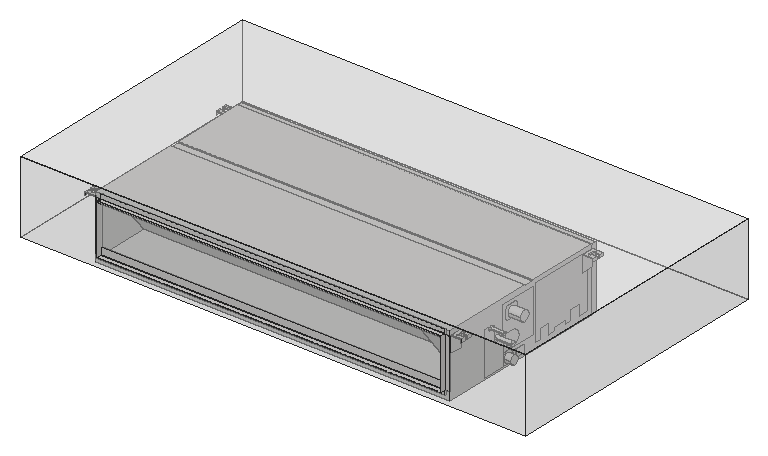
Revit family "outputfile", category 機械設備, Revit 2024
Family settings
  丸型コネクタ寸法 = 半径を使用
  パーツ タイプ = 標準
  OmniClass 番号 = 23.75.10.24.21.27.27
  OmniClass タイトル = Split System Air Conditioning Units
  作業面ベース = いいえ
  常に垂直 = はい
  ロード時にボイドで切り取り = いいえ
  注釈の向きを維持 = いいえ
  共有 = いいえ
  部屋計算ポイント = はい
Parameters (values of type "FDMFC140AV1M")
  Description = ""
  書き出し IFC クラス(タイプ) = "IfcUnitaryEquipmentType"
  定義済み IFC タイプ(タイプ) = "AIRCONDITIONINGUNIT"
  Cost = 0
  Type Comments = ""
  Keynote = ""
  Type Image = (empty or 0)
  Assembly Code = ""
  switch_frequency = yes
  connector_voltage = Voltage_50Hz  # 230 V
  connector_powerinput = [Power Input (Cooling)]  # 0.000 kW
  connector_phase = Phase_50Hz  # 1
  URL = ""
  Supply Air Direction [instance] = yes
  製造元 = "Daikin"
  モデル = "FDMFC140AV1M"
  w_pipe = 33 mm
  r_Liquid Pipe Size = Liquid Pipe Size / 2  # 4.75 mm
  r_Gas Pipe Size = Gas Pipe Size / 2  # 7.95 mm
  r_Drain Pipe Size = Drain Pipe Size / 2  # 16.0 mm
  lw_powersupply = Width / 2  # 700 mm
  lw_ductflange2 = 1362 mm
  lw_Width = 1362 mm
  lh_suctionflange [instance] = 100 mm
  ld_suctionflange [instance] = 190 mm
  ld_powersupply = 263 mm
  angle_vertical_RA [instance] = 90.00°
  angle horizontal_RA [instance] = 180.00°
  Voltage_comment_50Hz = "220 - 240"
  Voltage_50Hz = 230 V
  Sound Power Level_H speed (dB) = 0
  RA_length = 190 mm  # constant formula
  Phase_50Hz = 1
  Minimum External Static Pressure = 27.00 Pa
  Minimum Circuit Amps_50Hz = 0.0 A
  Maximum Fuse Amps_50Hz = 0.0 A
  Maximum External Static Pressure = 80.00 Pa
  Material_Casing = DAIKIN_GalvanizedSteel_Casing_indoorunit
  lw_liquidpipe = 757.9 mm
  lw_gaspipe = 767.5 mm
  lw_mountinghole_pitch = 1446 mm
  lw_mountinghole = 20 mm
  lw_drainpipe = 726 mm
  lh_powersupply = 43.2 mm
  lh_liquidpipe = 175 mm
  lh_gaspipe = 128 mm
  lh_mountinghole = Height + [h***] - 15 mm  # 235 mm
  lh_drainpipe = 29 mm
  lh_antena = (Height - lh_mountinghole) + 1 mm  # 16 mm
  ld_liquidpipe = 153 mm
  ld_gaspipe = 123 mm
  ld_mountinghole_pitch = 651 mm
  ld_drainpipe = 64 mm
  ld_controlbox = 626 mm
  h*** = 0 mm  # constant formula
  d_dischargeflange = 20 mm  # constant formula
  Width = 1400 mm
  Version = "ver.1.0"
  Unit Type = "Duct (M.S.P)"
  Unit Mass Weight = 42.00 kg
  Unit Designation [instance] = ""
  Uniclass2015Version = "Products v1.30"
  Uniclass2015Title = "Split coil room air conditioning units"
  Uniclass2015Code = "Pr_70_65_03_86"
  Total Cooling Capacity [instance] = 0.000 kW
  Sound Pressure Level_M speed (dBA) = 40
  Sound Pressure Level_L speed (dBA) = 36
  Sound Pressure Level_H speed (dBA) = 42
  Series = "SkyAir_Fan Coil Unit"
  Sensible Cooling Capacity [instance] = 0.000 kW
  SA Duct Size Width = 1362 mm
  SA Duct Size Height = 200 mm
  Refrigerant Type = "R32"
  RA Duct Size Width = 1362 mm
  RA Duct Size Height = 214 mm
  Power Input (Cooling) = 0.000 kW
  Option Accessory 3 [instance] = ""
  Option Accessory 2 [instance] = ""
  Option Accessory 1 [instance] = ""
  Nominal Cooling Capacity = 14.070 kW
  Minimum Airflow = 1560.00 m³/h
  Median Airflow = 1860.00 m³/h
  Maximum Airflow = 2140.00 m³/h
  Load Classification = HVAC
  Liquid Pipe Size = 9.5 mm
  Link_Nested Family [instance] = ""
  IfcVersion = ""
  IfcExportType = "AIRCONDITIONINGUNIT"
  IfcExportAs = "IfcUnitaryEquipmentType"
  Height = 250 mm
  Heat Exchanger Type = "Cross Fin Coil"
  Gas Pipe Size = 15.9 mm
  Frequency_50Hz = 50 Hz
  Fan Type = "Sirocco Fan"
  Fan Drive = "Direct Drive"
  FCU Tag No. [instance] = ""
  Drain Pipe Size = 32.0 mm
  Design Supply Airflow [instance] = 0.00 m³/h
  Design Return Airflow [instance] = 0.00 m³/h
  Design External Static Pressure [instance] = 0.00 Pa
  Depth = 700 mm
  既定の高さ = 0 mm
  Cooling Entering Wet Bulb Temperature [instance] = 0.00 °C
  Cooling Entering Dry Bulb Temperature [instance] = 0.00 °C
  Cooling Ambient Wet Bulb Temperature [instance] = 0.00 °C
  Cooling Ambient Dry Bulb Temperature [instance] = 0.00 °C
  Clearance visibility [instance] = yes
  Clearance Top = 20 mm
  Clearance Right = 300 mm
  Clearance Rear = 400 mm
  Clearance Left = 300 mm
  Clearance Front = 0 mm
  Clearance Bottom = 20 mm
Reference planes
  plane 1 "Center (Front/Back)": y = 0
  plane 2: z = 0
  plane 3 "Center (Left/Right)": x = 0
  plane 4 "Back": y = 350
  plane 5 "Front": y = -350
  plane 6 "Left": x = -700
  plane 7 "Right": x = 700
  plane 8 "Top": z = 0
  plane 9 "Bottom": z = -250
  plane 10: x = 681
  plane 11: x = -680.2
  plane 12: z = -72
  plane 13: z = -75
  plane 14: z = -122
  plane 15: x = -304
  plane 16: x = 304
  plane 17: x = -723
  plane 18: x = 723
  plane 19: x = 757.9
  plane 20: x = 767.5
  plane 21: z = -15
  plane 22 "Clearance Left": x = -1000
  plane 23 "Clearance Right": x = 1000
  plane 24 "Clearance Rear": y = 750
  plane 25 "Clearance Front": y = -350
  plane 26 "Clearance Bottom": z = -270
  plane 27: z = -21
  plane 28: z = -221
  plane 29: y = -123
  plane 30: y = -153
  plane 31: y = -30
  plane 32: y = -64
  plane 33: z = -118
  plane 34: y = -349.2
  plane 35: z = -150
  plane 36: y = 160
  plane 37: z = -151
  plane 38: x = 726
  plane 39: x = 695
  plane 40: x = 565.5
  plane 41: z = 102.5
  plane 42: y = 325.5
  plane 43: y = -325.5
  plane 44: y = 17.5
  plane 45: y = 57
  plane 46: x = 703.2
  plane 47: x = 705.2
  plane 48: y = -370
  plane 49: y = 390
  plane 50: z = -125
  plane 51: z = -70.5
  plane 52: z = -75.133
  plane 53: z = -75.5
  plane 54: z = -126.5
  plane 55: z = -239.8
  plane 56: z = -22.5
  plane 57: z = -192.5
  plane 58: z = -16
  plane 59 "Clearance Top": z = 20
  plane 60: z = -206.8
  plane 61: y = 263
  plane 62: y = -200
  plane 63: y = -300
  plane 64: y = -140
Forms (mm)
  Extrusion 1, solid, material "DAIKIN_GalvanizedSteel_Casing_indoorunit" <- "Material_Casing"
    sketch origin (0, 0, 0) x (1, 0, 0) y (0, 1, 0)
      loop
        line (-700, -349.2) -> (700, -349.2) -> (700, 350) -> (-700, 350) -> (-700, -349.2)
    from -250 to 0
  Extrusion 2, void
    sketch origin (0, 0, 1) x (1, 0, 0) y (0, 1, 0)
      loop
        line (-700, 57) -> (-700, 17.5) -> (700, 17.5) -> (700, 57) -> (-700, 57)
    from -1 to -5
  Extrusion 3, void
    sketch origin (0, 0, 0) x (0, 1, 0) y (0, 0, 1)
      loop
        line (-91.914, -222) -> (-91.914, -246.5) -> (-36.314, -246.5) -> (-36.314, -219.481)
        arc (-36.314, -219.481) -> (-65.261, -194.229) -> (-91.8, -222) r 27.8
    from 700 to 695
  Revolve 4, solid, material "DAIKIN_GalvanizedSteel_Casing_indoorunit" <- "Material_Casing"
    sketch origin (0, 0, -122) x (0, -1, 0) y (1, 0, 0)
      loop
        line (115.05, 700) -> (123, 700) -> (123, 767.5) -> (115.05, 767.5) -> (115.05, 700)
      axis (123, 700) -> (123, 767.5)
    angle from 0 to 360
  Revolve 5, solid, material "DAIKIN_GalvanizedSteel_Casing_indoorunit" <- "Material_Casing"
    sketch origin (0, 0, -75) x (0, -1, 0) y (1, 0, 0)
      loop
        line (153, 700) -> (153, 757.9) -> (148.25, 757.9) -> (148.25, 700) -> (153, 700)
      axis (153, 757.9) -> (153, 700)
    angle from 0 to 360
  Extrusion 6, solid, material "DAIKIN_GalvanizedSteel_Casing_indoorunit" <- "Material_Casing"
    sketch origin (0, 0, 0) x (0, 1, 0) y (0, 0, 1)
      loop
        circle (-64, -221) r 16
    from 726 to 700
  Extrusion 7, solid, material "DAIKIN_GalvanizedSteel_Casing_indoorunit" <- "Material_Casing"
    sketch origin (0, 0, 0) x (0, 1, 0) y (0, 0, 1)
      loop
        line (-180, -70.5) -> (-180, -239.8) -> (-95, -239.8) -> (-95, -126.5) -> (-107, -126.5)
        arc (-107, -126.5) -> (-121.5, -141) -> (-136, -126.5) r 14.5
        line (-136, -126.5) -> (-136, -75.5) -> (-141.006, -75.5)
        arc (-141.006, -75.5) -> (-153.184, -87.131) -> (-165, -75.133) r 12
        line (-165, -75.133) -> (-165, -70.5) -> (-180, -70.5)
      loop
        line (-92, -22.5) -> (-92, -192.5) -> (54, -192.5) -> (54, -22.5) -> (-92, -22.5)
      loop
        line (71, -16) -> (71, -224.802) -> (87.805, -224.802) -> (87.805, -184.607) -> (134.195, -184.606) -> (134.195, -224.802) -> (161, -224.802) -> (161, -212.302) -> (221, -212.303) -> (221, -224.802) -> (239.805, -224.802) -> (239.805, -184.606) -> (286.195, -184.606) -> (286.195, -224.802) -> (321.994, -224.802) -> (321.994, -82) -> (298.5, -82) -> (298.5, -16) -> (71, -16)
    from 700 to 703.2
  Extrusion 8, solid, material "DAIKIN_GalvanizedSteel_Casing_indoorunit" <- "Material_Casing"
    sketch origin (0, 0, 0) x (0, 1, 0) y (0, 0, 1)
      loop
        line (-27.5, -74.5) -> (-27.5, -41.5)
        arc (-27.5, -41.5) -> (-30.136, -35.136) -> (-36.5, -32.5) r 9
        line (-36.5, -32.5) -> (-69.5, -32.5)
        arc (-69.5, -32.5) -> (-75.864, -35.136) -> (-78.5, -41.5) r 9
        line (-78.5, -41.5) -> (-78.5, -74.5)
        arc (-78.5, -74.5) -> (-75.864, -80.864) -> (-69.5, -83.5) r 9
        line (-69.5, -83.5) -> (-36.5, -83.5)
        arc (-36.5, -83.5) -> (-30.136, -80.864) -> (-27.5, -74.5) r 9
      loop
        arc (8, -234.5) -> (9.415, -233.914) -> (10.001, -232.499) r 2.001
        line (10.001, -232.499) -> (9.997, -206.503)
        arc (9.997, -206.503) -> (9.412, -205.091) -> (8, -204.506) r 1.997
        line (8, -204.506) -> (-25.997, -204.506)
        arc (-25.997, -204.506) -> (-27.415, -205.094) -> (-28.002, -206.511) r 2.005
        line (-28.002, -206.511) -> (-28.002, -232.499)
        arc (-28.002, -232.499) -> (-27.416, -233.914) -> (-26.001, -234.5) r 2.001
        line (-26.001, -234.5) -> (8, -234.5)
      loop
        arc (-77.358, -152.358) -> (-25.548, -177.591) -> (-59.394, -130.95) r 29.7
        arc (-59.394, -130.95) -> (-62.843, -131.688) -> (-66.339, -131.219) r 10.3
        line (-66.339, -131.219) -> (-72.946, -129.136)
        arc (-72.946, -129.136) -> (-80.627, -131.374) -> (-81.498, -139.327) r 7.2
        line (-81.498, -139.327) -> (-78.299, -145.472)
        arc (-78.299, -145.472) -> (-77.23, -148.833) -> (-77.358, -152.358) r 10.3
    from 700 to 705.2
  Extrusion 9, solid, material "DAIKIN_GalvanizedSteel_Casing_indoorunit" <- "Material_Casing"
    sketch origin (0, 0, 0) x (0, 1, 0) y (0, 0, 1)
      loop
        circle (-53, -58) r 18.9
    from 700 to 757.9
  Extrusion 10, void
    sketch origin (0, 0, 0) x (0, 1, 0) y (0, 0, 1)
      loop
        line (-350, -18.8) -> (-350, -217.2) -> (-200, -217.2) -> (-349.2, -18.8) -> (-350, -18.8)
    from -680.2 to 681
  Extrusion 11, void
    sketch origin (0, 0, 0) x (0, 1, 0) y (0, 0, 1)
      loop
        line (-350, -18.8) -> (-350, -217.2) -> (-140, -217.2) -> (-300, -18.8) -> (-350, -18.8)
    from -680.2 to 565.5
Cuts and joins
  Extrusion 2, Extrusion 3, Extrusion 10, Extrusion 11 cuts Extrusion 1
  joined: Extrusion 7, Extrusion 8, Extrusion 9
Dimensions and locks
  "Height": plane 8 "Top" to plane 9 "Bottom"
  equal spacing: plane 15, plane 3 "Center (Left/Right)", plane 16, locked at 304 each
  locked: plane 15 to plane 16 at 608
  equal spacing: plane 17, plane 3 "Center (Left/Right)", plane 18
  "lw_mountinghole_pitch": plane 17 to plane 18
  locked: plane 12 to plane 9 "Bottom" at 178
  "lh_liquidpipe": plane 13 to plane 9 "Bottom"
  "lh_gaspipe": plane 14 to plane 9 "Bottom"
  "lh_mountinghole": plane 21 to plane 9 "Bottom"
  equal spacing: plane 6 "Left", plane 3 "Center (Left/Right)", plane 7 "Right"
  "Width": plane 6 "Left" to plane 7 "Right"
  "Clearance Right": plane 7 "Right" to plane 23 "Clearance Right"
  "Clearance Left": plane 22 "Clearance Left" to plane 6 "Left"
  "Clearance Rear": plane 24 "Clearance Rear" to plane 4 "Back"
  "Clearance Front": plane 5 "Front" to plane 25 "Clearance Front"
  locked: plane 8 "Top" to plane 27 at 21
  "Depth": plane 4 "Back" to plane 5 "Front"
  equal spacing: plane 4 "Back", plane 1 "Center (Front/Back)", plane 5 "Front"
  "ld_suctionflange": plane 4 "Back" to plane 36
  locked: plane 37 to plane 9 "Bottom" at 99
  plane 7 "Right" to plane 40 = 134.5 mm
  "r_Gas Pipe Size": nested 6 to Revolve 4 sketch curve
  "r_Liquid Pipe Size": nested 5 to Revolve 5 sketch curve
  equal spacing: plane 42, plane 1 "Center (Front/Back)", plane 43
  "ld_mountinghole_pitch": plane 42 to plane 43
  locked: plane 33 to plane 9 "Bottom" at 132
  "lw_liquidpipe": plane 3 "Center (Left/Right)" to plane 19
  "lw_gaspipe": plane 3 "Center (Left/Right)" to plane 20
  "lw_drainpipe": plane 3 "Center (Left/Right)" to plane 38
  "ld_drainpipe": plane 32 to plane 1 "Center (Front/Back)"
  "ld_gaspipe": plane 29 to plane 1 "Center (Front/Back)"
  "ld_liquidpipe": plane 30 to plane 1 "Center (Front/Back)"
  "lh_drainpipe": plane 28 to plane 9 "Bottom"
  locked: plane 7 "Right" to plane 46 at 3.2
  locked: plane 46 to plane 47 at 2
  equal spacing: plane 8 "Top", plane 50, plane 9 "Bottom"
  plane 51 to plane 52 to plane 53 to plane 54 to plane 55 = 4.633 mm locked, 0.367 mm locked, 51 mm locked, 113.3 mm locked
  plane 8 "Top" to plane 56 to plane 57 = 22.5 mm locked, 170 mm locked
  locked: plane 8 "Top" to plane 58 at 16
  locked: plane 40 to plane 10 at 115.5
  locked: plane 17 to plane 11 at 42.8
  locked: plane 39 to plane 7 "Right" at 5
  "Clearance Top": plane 59 "Clearance Top" to plane 8 "Top"
  "Clearance Bottom": plane 9 "Bottom" to plane 26 "Clearance Bottom"
  "lh_powersupply": plane 60 to plane 9 "Bottom"
  "ld_powersupply": plane 61 to plane 1 "Center (Front/Back)"
  locked: plane 34 to plane 5 "Front" at 0.8
  locked: plane 5 "Front" to plane 48 at 20
  locked: plane 5 "Front" to plane 62 at 150
  plane 5 "Front" to plane 63 to plane 64 = 50 mm locked, 160 mm locked
  "r_Drain Pipe Size": radius of Extrusion 6 sketch curve
  aligned and locked: level to plane 2
  aligned and locked: Extrusion 1 to plane 9 "Bottom"
  aligned and locked: plane 8 "Top" to Extrusion 1
  aligned and locked: Revolve 4 sketch curve to Revolve 4 sketch curve
  aligned and locked: plane 19 to nested 5
  aligned and locked: nested 5 to plane 13
  aligned and locked: plane 18 to nested 2
  aligned and locked: plane 17 to nested 3
  aligned and locked: plane 17 to nested 4
  aligned and locked: nested 6 to plane 14
  aligned and locked: plane 29 to nested 6
  aligned and locked: plane 30 to nested 5
  aligned and locked: Extrusion 6 sketch curve to plane 32
  aligned and locked: plane 8 "Top" to Extrusion 2
  aligned and locked: plane 24 "Clearance Rear" to nested 11
  aligned and locked: plane 23 "Clearance Right" to nested 11
  aligned and locked: plane 22 "Clearance Left" to nested 11
  aligned and locked: nested 11 to plane 25 "Clearance Front"
  aligned and locked: plane 7 "Right" to cut or joined group of Extrusion 1, Extrusion 2, Extrusion 3, Extrusion 10, Extrusion 11  (x3)
  aligned and locked: cut or joined group of Extrusion 1, Extrusion 2, Extrusion 3, Extrusion 10, Extrusion 11 to plane 39
  aligned and locked: plane 38 to Extrusion 6
  aligned and locked: plane 20 to nested 6
  aligned and locked: plane 3 "Center (Left/Right)" to nested 12
  aligned and locked: plane 18 to nested 1
  aligned and locked: plane 32 to nested 7
  aligned and locked: nested 7 to plane 28
  aligned and locked: plane 38 to nested 7
  aligned and locked: nested 9 to plane 1 "Center (Front/Back)"
  aligned and locked: plane 3 "Center (Left/Right)" to nested 9
  aligned and locked: plane 33 to nested 8
  aligned and locked: level to plane 8 "Top"
  aligned and locked: plane 42 to nested 1
  aligned and locked: plane 43 to nested 2
  aligned and locked: nested 4 to plane 42
  aligned and locked: nested 3 to plane 43
  aligned and locked: nested 12 to plane 21
  aligned and locked: cut or joined group of Extrusion 1, Extrusion 2, Extrusion 3, Extrusion 10, Extrusion 11 to plane 34
  aligned and locked: nested 13 to plane 33
  aligned and locked: Extrusion 2 sketch curve to plane 6 "Left"
  aligned and locked: plane 7 "Right" to Extrusion 2 sketch curve
  aligned and locked: plane 44 to Extrusion 2 sketch curve
  aligned and locked: plane 45 to Extrusion 2 sketch curve
  aligned and locked: plane 3 "Center (Left/Right)" to nested 10
  aligned and locked: nested 10 to plane 4 "Back"
  aligned and locked: plane 46 to Extrusion 7
  aligned and locked: Extrusion 7 to plane 7 "Right"
  aligned and locked: Extrusion 8 to plane 7 "Right"
  aligned and locked: plane 47 to Extrusion 8
  aligned and locked: plane 19 to Extrusion 9
  aligned and locked: Extrusion 9 to plane 7 "Right"
  aligned and locked: nested 8 to plane 48
  aligned and locked: plane 49 to nested 14
  aligned and locked: nested 14 to plane 3 "Center (Left/Right)"
  aligned and locked: nested 14 to plane 50
  aligned and locked: plane 54 to Extrusion 7 sketch curve  (x2)
  aligned and locked: plane 52 to Extrusion 7 sketch curve
  aligned and locked: plane 56 to Extrusion 7 sketch curve
  aligned and locked: plane 57 to Extrusion 7 sketch curve
  aligned and locked: plane 58 to Extrusion 7 sketch curve
  aligned and locked: plane 3 "Center (Left/Right)" to nested 13
  aligned and locked: plane 59 "Clearance Top" to nested 11
  aligned and locked: nested 11 to plane 26 "Clearance Bottom"
  aligned and locked: plane 7 "Right" to nested 15
  aligned and locked: nested 15 to plane 60
  aligned and locked: plane 34 to nested 13
  aligned and locked: plane 5 "Front" to Extrusion 10 sketch curve
  aligned and locked: cut or joined group of Extrusion 1, Extrusion 2, Extrusion 3, Extrusion 10, Extrusion 11 to plane 11  (x2)
  aligned and locked: plane 10 to cut or joined group of Extrusion 1, Extrusion 2, Extrusion 3, Extrusion 10, Extrusion 11
  aligned and locked: Extrusion 11 sketch curve to plane 5 "Front"
  aligned and locked: plane 63 to Extrusion 11 sketch curve
  aligned and locked: plane 64 to Extrusion 11 sketch curve
  aligned and locked: cut or joined group of Extrusion 1, Extrusion 2, Extrusion 3, Extrusion 10, Extrusion 11 to plane 40
  aligned and locked: Extrusion 6 to plane 7 "Right"
  aligned and locked: Revolve 4 to plane 7 "Right"
  aligned and locked: Revolve 5 to plane 7 "Right"
Automatic sketch dimensions
  Extrusion 1 sketch curve to plane 4 "Back" = 0 mm
  Extrusion 1 sketch curve to plane 6 "Left" = 0 mm
  Extrusion 1 sketch curve to plane 7 "Right" = 0 mm
  plane 34 to Extrusion 1 sketch curve = 0 mm
  Extrusion 6 sketch curve to plane 28 = 0 mm
  Revolve 4 sketch curve to plane 20 = 0 mm
  Revolve 4 sketch curve to plane 29 = 0 mm
  Revolve 4 sketch curve to Revolve 4 sketch curve = 2.003 mm
  plane 20 to Revolve 4 sketch curve = 1.003 mm
  Revolve 5 sketch curve to plane 30 = 0 mm  (x2)
  Revolve 5 sketch curve to plane 19 = 0 mm  (x2)
  Revolve 5 sketch curve to plane 7 "Right" = 0 mm
  Revolve 5 sketch curve to Revolve 5 sketch curve = 1 mm
  Revolve 4 sketch curve to plane 7 "Right" = 0 mm
  plane 9 "Bottom" to Extrusion 3 sketch curve = 3.5 mm
  Extrusion 3 sketch curve to plane 31 = 6.314 mm
  Extrusion 3 sketch curve to plane 28 = 1 mm  (x2)
  plane 32 to Extrusion 3 sketch curve = 0 mm
  Extrusion 3 sketch curve to Extrusion 3 sketch curve = 0.114 mm
  Extrusion 8 sketch curve to plane 32 = 14.5 mm
  plane 13 to Extrusion 8 sketch curve = 0.5 mm  (x2)
  Extrusion 8 sketch curve to plane 32 = 5.5 mm  (x2)
  Extrusion 8 sketch curve to plane 31 = 6.5 mm  (x2)
  Extrusion 8 sketch curve to plane 27 = 20.5 mm
  plane 31 to Extrusion 8 sketch curve = 1.998 mm
  Extrusion 8 sketch curve to Extrusion 8 sketch curve = 2.001 mm  (x2)
  Extrusion 8 sketch curve to Extrusion 8 sketch curve = 2.005 mm
  Extrusion 8 sketch curve to plane 1 "Center (Front/Back)" = 8 mm  (x2)
  plane 28 to Extrusion 8 sketch curve = 16.494 mm
  Extrusion 8 sketch curve to Extrusion 8 sketch curve = 1.994 mm
  Extrusion 8 sketch curve to Extrusion 8 sketch curve = 1.997 mm
  Extrusion 8 sketch curve to plane 32 = 17.498 mm
  Extrusion 8 sketch curve to plane 35 = 0.228 mm
  Extrusion 8 sketch curve to Extrusion 8 sketch curve = 5.937 mm
  plane 35 to Extrusion 8 sketch curve = 4.528 mm
  Extrusion 8 sketch curve to Extrusion 8 sketch curve = 3.199 mm
  Extrusion 8 sketch curve to Extrusion 8 sketch curve = 6.386 mm
  Extrusion 8 sketch curve to plane 14 = 7.136 mm
  Extrusion 8 sketch curve to Extrusion 8 sketch curve = 2.165 mm
  Extrusion 8 sketch curve to plane 32 = 2.339 mm
  plane 32 to Extrusion 8 sketch curve = 0.758 mm
  Extrusion 8 sketch curve to plane 37 = 7.5 mm
  plane 32 to Extrusion 8 sketch curve = 15.7 mm
  Extrusion 8 sketch curve to Extrusion 8 sketch curve = 6.145 mm
  Extrusion 8 sketch curve to Extrusion 8 sketch curve = 2.083 mm
  plane 14 to Extrusion 8 sketch curve = 0.604 mm
  Extrusion 8 sketch curve to Extrusion 8 sketch curve = 0 mm
  plane 32 to Extrusion 9 sketch curve = 11 mm
  plane 12 to Extrusion 9 sketch curve = 14 mm
  Extrusion 7 sketch curve to plane 30 = 0 mm
  Extrusion 7 sketch curve to plane 30 = 27 mm
  Extrusion 7 sketch curve to plane 13 = 0.5 mm
  Extrusion 7 sketch curve to Extrusion 7 sketch curve = 5.006 mm
  plane 12 to Extrusion 7 sketch curve = 1.5 mm
  Extrusion 7 sketch curve to Extrusion 7 sketch curve = 12 mm
  Extrusion 7 sketch curve to plane 30 = 12 mm
  plane 29 to Extrusion 7 sketch curve = 1.5 mm
  Extrusion 7 sketch curve to plane 32 = 28 mm
  Extrusion 7 sketch curve to Extrusion 7 sketch curve = 17 mm
  Extrusion 7 sketch curve to plane 28 = 3.802 mm  (x8)
  Extrusion 7 sketch curve to plane 42 = 27 mm
  Extrusion 7 sketch curve to plane 42 = 3.506 mm  (x2)
  Extrusion 7 sketch curve to plane 53 = 6.5 mm
  plane 57 to Extrusion 7 sketch curve = 7.893 mm
  Extrusion 7 sketch curve to Extrusion 7 sketch curve = 0 mm  (x2)
  plane 57 to Extrusion 7 sketch curve = 7.894 mm  (x2)
  plane 36 to Extrusion 7 sketch curve = 1 mm  (x2)
  plane 28 to Extrusion 7 sketch curve = 8.697 mm
  Extrusion 3 sketch curve to Extrusion 3 sketch curve = 27.914 mm
  Extrusion 7 sketch curve to plane 55 = 0 mm
  Extrusion 8 sketch curve to plane 28 = 11.499 mm
  Extrusion 7 sketch curve to Extrusion 7 sketch curve = 60 mm
  Extrusion 10 sketch curve to plane 34 = 0 mm
  plane 28 to Extrusion 10 sketch curve = 3.8 mm
  plane 27 to Extrusion 10 sketch curve = 2.2 mm
  Extrusion 10 sketch curve to plane 30 = 47 mm
  plane 28 to Extrusion 11 sketch curve = 3.8 mm
  plane 27 to Extrusion 11 sketch curve = 2.2 mm
  radius of Extrusion 9 sketch curve = 18.9 mm
Nested families
  nested 1: "daikin_mountinghole" at (723, 325.5, -250), l_antenna <- "lh_antena", Link_Nested Family <- "Link_Nested Family", h_mountinghole <- "lh_mountinghole", type "daikin_mountinghole"
    with show yes, l_antenna 16 mm, h_mountinghole 235 mm, Link_Nested Family ""
  nested 2: "daikin_mountinghole" at (723, -325.5, -250), Link_Nested Family <- "Link_Nested Family", l_antenna <- "lh_antena", h_mountinghole <- "lh_mountinghole", type "daikin_mountinghole"
    with show yes, l_antenna 16 mm, h_mountinghole 235 mm, Link_Nested Family ""
  nested 3: "daikin_mountinghole" at (-723, -325.5, -250), l_antenna <- "lh_antena", Link_Nested Family <- "Link_Nested Family", h_mountinghole <- "lh_mountinghole", type "daikin_mountinghole"
    with show yes, l_antenna 16 mm, h_mountinghole 235 mm, Link_Nested Family ""
  nested 4: "daikin_mountinghole" at (-723, 325.5, -250), l_antenna <- "lh_antena", Link_Nested Family <- "Link_Nested Family", h_mountinghole <- "lh_mountinghole", type "daikin_mountinghole"
    with show yes, l_antenna 16 mm, h_mountinghole 235 mm, Link_Nested Family ""
  nested 5: "daikin_connector_rotate2" at (0, -153, -75) x (0, 1, 0) z (0, 0, 1), length <- "lw_liquidpipe", built-in parameter 1001364 <- "lh_liquidpipe", radius <- "r_Liquid Pipe Size", type "daikin_connector_rotate2"
    with radius 4.75 mm, length 757.9 mm, angle_vertical 90.00°
  nested 6: "daikin_connector_rotate2" at (0, -123, -122) x (0, 1, 0) z (0, 0, 1), length <- "lw_gaspipe", built-in parameter 1001364 <- "lh_gaspipe", radius <- "r_Gas Pipe Size", type "daikin_connector_rotate2"
    with radius 7.95 mm, length 767.5 mm, angle_vertical 90.00°
  nested 7: "daikin_connector_rotate2" at (0, -64, -221) x (0, 1, 0) z (0, 0, 1), built-in parameter 1001364 <- "lh_drainpipe", length <- "lw_drainpipe", radius <- "r_Drain Pipe Size", type "daikin_connector_rotate2"
    with radius 16 mm, length 726 mm, angle_vertical 90.00°
  nested 8: "daikin_connector_rotate2" at (0, -350, -118), length <- "d_dischargeflange", type "daikin_connector_rotate2"
    with radius 10 mm, length 20 mm, angle_vertical 90.00°
  nested 9: "daikin_△_symbolicline" at (-75, -129.904, 250) x (-0.5, 0.866, 0) z (0, 0, 1), built-in parameter 1001364 <- "Height", visible <- "Supply Air Direction", type "daikin_△_symbolicline"
    with length 300 mm
  nested 10: "daikin_ductflange_FDMFC-AV1M_1" at (0, 350, -125), material <- "Material_Casing", width <- "lw_ductflange2", type "daikin_ductflange_FDMFC-AV1M_1"
    with width 1362 mm, material DAIKIN_GalvanizedSteel_Casing_indoorunit, height 214 mm, depth 40 mm
  nested 11: "daikin_clearancespace" at (0, 200, -124.881), visible <- "Clearance visibility", show <- "Clearance visibility", Link_Nested Family <- "Link_Nested Family", type "daikin_clearancespace"
    with width 2000 mm, show yes, height 290 mm, depth 1100 mm, Link_Nested Family ""
  nested 12: "daikin_hangerfixture_FDMFC-AV1M" at (0, 0, -15), type "daikin_hangerfixture_FDMFC-AV1M"
    with width 1400 mm
  nested 13: "daikin_ductflange_FDMFC-AV1M" at (0, -35.7, -407.401), width <- "lw_Width", material <- "Material_Casing", type "daikin_ductflange_FDMFC-AV1M"
    with width 1362 mm, material DAIKIN_GalvanizedSteel_Casing_indoorunit, height 200 mm, depth 20.8 mm
  nested 14: "daikin_connector_rotate2" at (0, 350, -125) x (-1, 0, 0) z (0, 0, 1), type "daikin_connector_rotate2"
    with radius 10 mm, length 40 mm, angle_vertical 90.00°
  nested 15: "daikin_connector_rotate2" at (0, 263, -206.8) x (0, 1, 0) z (0, 0, 1), length <- "lw_powersupply", built-in parameter 1001364 <- "lh_powersupply", type "daikin_connector_rotate2"
    with radius 10 mm, length 700 mm, angle_vertical 90.00°
Connectors
  piping at (767.5, -123, -122), diameter 15.9, driven by "r_Gas Pipe Size"
    settings: on nested 6, index 1, connector inside diameter 609.6 mm, connector length 0 mm, flow factor 0, pipe flow 0.00 m³/h, pressure drop 0.0 Pa, fitting loss kfactor 0, connector angle 0.00°, fixture units 0, engagement length 0 mm, angle of deflection 0.00°, flow configuration 1, flow direction 2, fitting loss method 0, system type 29, joint type 0, gender type 0, connector reference index -1, connector utility 0, adjustable connector no, is connector primary yes, connector description "Refrigerant Gas Piping"
  piping at (757.9, -153, -75), diameter 9.5, driven by "r_Liquid Pipe Size"
    settings: on nested 5, index 2, connector inside diameter 609.6 mm, connector length 0 mm, flow factor 0, pipe flow 0.00 m³/h, pressure drop 0.0 Pa, fitting loss kfactor 0, connector angle 0.00°, fixture units 0, engagement length 0 mm, angle of deflection 0.00°, flow configuration 1, flow direction 1, fitting loss method 0, system type 29, joint type 0, gender type 0, connector reference index -1, connector utility 0, adjustable connector no, is connector primary no, connector description "Refrigerant Liquid Piping"
  piping at (726, -64, -221), diameter 32, driven by "r_Drain Pipe Size"
    settings: on nested 7, index 3, connector inside diameter 609.6 mm, connector length 0 mm, flow factor 0, pipe flow 0.00 m³/h, pressure drop 0.0 Pa, fitting loss kfactor 0, connector angle 0.00°, fixture units 0, engagement length 0 mm, angle of deflection 0.00°, flow configuration 1, flow direction 2, fitting loss method 4, system type 16, joint type 0, gender type 0, connector reference index -1, connector utility 0, adjustable connector no, is connector primary no, connector description "Condensate Drain Piping"
  hvac at (0, -370, -118), driven by "SA Duct Size Height", driven by "SA Duct Size Width"
    settings: on nested 8, index 7, duct flow 0.00 m³/h, flow factor 0, pres drop 0.00 Pa, loss coef 0, conn angle 0.00°, conn width 1362.0 mm, conn height 200.0 mm, conn diameter 609.6 mm, duct sys type 1, conn prof type 1, flow config 0, flow direction 2, loss method 4, conn ref index -1, conn util no, is conn primary yes, conn desc "SA Duct"
  hvac at (0, 390, -125), driven by "RA Duct Size Width", driven by "RA Duct Size Height"
    settings: on nested 14, index 8, duct flow 0.00 m³/h, flow factor 0, pres drop 0.00 Pa, loss coef 0, conn angle 0.00°, conn width 1362.0 mm, conn height 214.0 mm, conn diameter 609.6 mm, duct sys type 2, conn prof type 1, flow config 0, flow direction 1, loss method 4, conn ref index -1, conn util no, is conn primary no, conn desc "RA Duct"
  electrical at (700, 263, -206.8), driven by "Load Classification", driven by "connector_powerinput", driven by "connector_voltage", driven by "connector_phase"
    settings: on nested 15, index 9, voltage 230 V, apparent load 0 VA, apparent load phase1 0 VA, apparent load phase2 0 VA, apparent load phase3 0 VA, power factor 1, load classification "HVAC", number of poles 1, system type 30, power factor state 1, is connector primary yes, connector utility no, sub classification motor no, connector description "Power Supply"
Definition of nested family "daikin_ductflange_FDMFC-AV1M_1"
  Parameters (values of type "daikin_ductflange_FXDQ-NDVET2")
    width [instance] = 662 mm
    material [instance] = none
    height [instance] = 214 mm
    depth [instance] = 40 mm
    Default Elevation = 0 mm
  Reference planes
    plane 1 "Center (Front/Back)": y = 0
    plane 2: z = 0
    plane 3 "Center (Left/Right)": x = 0
    plane 4: x = -331
    plane 5: x = 331
    plane 6: z = 107
    plane 7: z = -107
    plane 8: x = -350
    plane 9: x = 350
    plane 10: z = 124
    plane 11: z = -124
    plane 12: y = 20
    plane 13: x = -330.2
    plane 14: x = 330.2
    plane 15: z = 106.2
    plane 16: z = -106.2
    plane 17: y = 40
    plane 18: x = -330.2
    plane 19: z = 106.2
    plane 20: z = -106.2
    plane 21: x = 330.2
  Forms (mm)
    Extrusion 1, solid, material <- "material"
      sketch origin (0, 0, 0) x (1, 0, 0) y (0, 0, 1)
        loop
          line (-330.2, 106.2) -> (-330.2, -106.2) -> (330.2, -106.2) -> (330.2, 106.2) -> (-330.2, 106.2)
        loop
          line (-350, 124) -> (-350, -124) -> (350, -124) -> (350, 124) -> (-350, 124)
      from 0 to -20
    Extrusion 2, solid, material <- "material"
      sketch origin (0, 0, 0) x (1, 0, 0) y (0, 0, 1)
        loop
          line (-331, 107) -> (-331, -107) -> (331, -107) -> (331, 107) -> (-331, 107)
        loop
          line (-330.2, 106.2) -> (-330.2, -106.2) -> (330.2, -106.2) -> (330.2, 106.2) -> (-330.2, 106.2)
      from -40 to -20
  Cuts and joins
    joined: Extrusion 1, Extrusion 2
  Dimensions and locks
    equal spacing: plane 5, plane 3 "Center (Left/Right)", plane 4
    "width": plane 5 to plane 4
    equal spacing: plane 6, level, plane 7
    "height": plane 6 to plane 7
    locked: plane 4 to plane 8 at 19
    locked: plane 9 to plane 5 at 19
    locked: plane 10 to plane 6 at 17
    locked: plane 7 to plane 11 at 17
    locked: plane 1 "Center (Front/Back)" to plane 12 at 20
    locked: plane 13 to plane 4 at 0.8
    locked: plane 5 to plane 14 at 0.8
    locked: plane 6 to plane 15 at 0.8
    locked: plane 16 to plane 7 at 0.8
    locked: plane 12 to plane 17 at 20
    locked: plane 18 to plane 4 at 0.8
    locked: plane 5 to plane 21 at 0.8
    locked: plane 6 to plane 19 at 0.8
    locked: plane 20 to plane 7 at 0.8
    locked: plane 1 "Center (Front/Back)" to plane 17 at 40
    aligned and locked: level to plane 2
    aligned and locked: Extrusion 1 sketch curve to plane 10
    aligned and locked: plane 8 to Extrusion 1 sketch curve
    aligned and locked: Extrusion 1 sketch curve to plane 9
    aligned and locked: Extrusion 1 to plane 12
    aligned and locked: plane 1 "Center (Front/Back)" to Extrusion 1
    aligned and locked: Extrusion 1 sketch curve to plane 15
    aligned and locked: plane 13 to Extrusion 1 sketch curve
    aligned and locked: plane 16 to Extrusion 1 sketch curve
    aligned and locked: plane 11 to Extrusion 1 sketch curve
    aligned and locked: Extrusion 1 sketch curve to plane 14
    aligned and locked: Extrusion 2 sketch curve to plane 6
    aligned and locked: plane 4 to Extrusion 2 sketch curve
    aligned and locked: plane 7 to Extrusion 2 sketch curve
    aligned and locked: Extrusion 2 sketch curve to plane 5
    aligned and locked: Extrusion 2 sketch curve to Extrusion 1  (x4)
    aligned and locked: Extrusion 2 to plane 17
    aligned and locked: Extrusion 2 to Extrusion 1
  Automatic sketch dimensions
    Extrusion 1 sketch curve to plane 10 = 0 mm
Definition of nested family "daikin_clearancespace"
  Parameters (values of type "daikin_clearancespace")
    Description = "daikin_clearancespace"
    width [instance] = 1823.963 mm
    show [instance] = yes
    material = none
    height [instance] = 1359.762 mm
    depth [instance] = 880 mm
    Default Elevation = 0 mm
    Link_Nested Family [instance] = ""
  Reference planes
    plane 1 "Center (Front/Back)": y = 0
    plane 2 "Center (Elevation)": z = -0.119
    plane 3 "Center (Left/Right)": x = 0
    plane 4: y = 440
    plane 5: y = -440
    plane 6 "Right": x = 911.982
    plane 7 "Left": x = -911.982
    plane 8 "Top": z = 679.762
    plane 9 "Bottom": z = -680
  Forms (mm)
    Extrusion 1, solid, material <- "material", visible <- "show"
      sketch origin (0, 0, 0) x (1, 0, 0) y (0, 1, 0)
        loop
          line (-911.982, 440) -> (-911.982, -440) -> (911.982, -440) -> (911.982, 440) -> (-911.982, 440)
      from -680 to 679.762
  Lines and regions (mm)
    symbolic lines, visible <- "show"
      curve 1: line (911.982, 440, 0) -> (-911.982, 440, 0)
      curve 2: line (-911.982, 440, 0) -> (-911.982, -440, 0)
      curve 3: line (-911.982, -440, 0) -> (911.982, -440, 0)
      curve 4: line (911.982, -440, 0) -> (911.982, 440, 0)
      curve 5: line (911.982, 0, 679.762) -> (-911.982, 0, 679.762)
      curve 6: line (911.982, 0, -680) -> (911.982, 0, 679.762)
      curve 7: line (-911.982, 0, -680) -> (911.982, 0, -680)
      curve 8: line (-911.982, 0, 679.762) -> (-911.982, 0, -680)
      curve 9: line (0, 440, 679.762) -> (0, -440, 679.762)
      curve 10: line (0, -440, 679.762) -> (0, -440, -680)
      curve 11: line (0, 440, -680) -> (0, 440, 679.762)
      curve 12: line (0, -440, -680) -> (0, 440, -680)
  Dimensions and locks
    "width": plane 7 "Left" to plane 6 "Right"
    "depth": plane 4 to plane 5
    "height": plane 8 "Top" to plane 9 "Bottom"
    equal spacing: plane 7 "Left", plane 3 "Center (Left/Right)", plane 6 "Right"
    equal spacing: plane 4, plane 1 "Center (Front/Back)", plane 5
    equal spacing: plane 8 "Top", plane 2 "Center (Elevation)", plane 9 "Bottom"
    aligned and locked: level to plane 2 "Center (Elevation)"
    aligned and locked: Extrusion 1 sketch curve to plane 4
    aligned and locked: plane 7 "Left" to Extrusion 1 sketch curve
    aligned and locked: Extrusion 1 sketch curve to plane 5
    aligned and locked: Extrusion 1 sketch curve to plane 6 "Right"
    aligned and locked: plane 8 "Top" to Extrusion 1
    aligned and locked: curve 1 to Extrusion 1
    aligned and locked: curve 2 to Extrusion 1
    aligned and locked: curve 3 to Extrusion 1
    aligned and locked: curve 4 to Extrusion 1
    aligned and locked: curve 5 to Extrusion 1
    aligned and locked: curve 6 to Extrusion 1
    aligned and locked: curve 7 to Extrusion 1
    aligned and locked: curve 8 to Extrusion 1
    aligned and locked: curve 9 to Extrusion 1
    aligned and locked: curve 10 to Extrusion 1
    aligned and locked: curve 11 to Extrusion 1
    aligned and locked: curve 12 to Extrusion 1
    aligned and locked: Extrusion 1 to plane 9 "Bottom"
Definition of nested family "daikin_hangerfixture_FDMFC-AV1M"
  Parameters (values of type "daikin_hangerfixture_FDMFC-AV1M")
    width = 700 mm
    material = none
    height = 65 mm
    depth = 700 mm
    Default Elevation = 0 mm
  Reference planes
    plane 1 "Center (Front/Back)": y = 0
    plane 2: z = 0
    plane 3 "Center (Left/Right)": x = 0
    plane 4: x = 350
    plane 5: y = 350
    plane 6: y = -350
    plane 7: x = -350
    plane 8: z = -65
    plane 9: y = 325.5
    plane 10: y = -325.5
    plane 11: y = 302
    plane 12: y = -302
    plane 13: x = 373
    plane 14: x = -373
  Forms (mm)
    Extrusion 1, void
      sketch origin (0, 0, 0) x (-1, 0, 0) y (0, -1, 0)
        loop
          arc (366.995, -334.5) -> (373, -340.5) -> (378.995, -334.489) r 6
          line (378.995, -334.489) -> (378.995, -333)
          arc (378.995, -333) -> (379.288, -332.293) -> (379.995, -332) r 1
          line (379.995, -332) -> (394.995, -332) -> (394.995, -319) -> (379.995, -319)
          arc (379.995, -319) -> (379.288, -318.707) -> (378.995, -318) r 1
          line (378.995, -318) -> (378.995, -316.464)
          arc (378.995, -316.464) -> (372.977, -310.5) -> (366.995, -316.5) r 6
          line (366.995, -316.5) -> (366.995, -334.5)
        loop
          line (367.28, 334.5) -> (367.28, 316.5)
          arc (367.28, 316.5) -> (373, 310.507) -> (379.254, 315.94) r 6
          line (379.254, 315.94) -> (379.254, 318)
          arc (379.254, 318) -> (379.547, 318.707) -> (380.254, 319) r 1
          line (380.254, 319) -> (395.254, 319) -> (395.254, 332) -> (380.254, 332)
          arc (380.254, 332) -> (379.547, 332.293) -> (379.254, 333) r 1
          line (379.254, 333) -> (379.254, 334.5)
          arc (379.254, 334.5) -> (373.267, 340.487) -> (367.28, 334.5) r 5.987
      from -254.96 to 618
    Extrusion 2, solid, material <- "material"
      sketch origin (0, 0, 0) x (-1, 0, 0) y (0, 0, 1)
        loop
          line (350, 0) -> (350, -65) -> (352.3, -65) -> (352.3, -2.3) -> (392.7, -2.3) -> (392.7, -12) -> (395, -12) -> (395, 0) -> (350, 0)
      from -349.5 to -301.5
    Extrusion 3, solid, material <- "material"
      sketch origin (0, 0, 0) x (1, 0, 0) y (0, 0, 1)
        loop
          line (350, 0) -> (350, -65) -> (352.3, -65) -> (352.3, -2.3) -> (392.7, -2.3) -> (392.7, -12) -> (395, -12) -> (395, 0) -> (350, 0)
      from -349.5 to -301.5
    Extrusion 4, void
      sketch origin (0, 0, 0) x (1, 0, 0) y (0, 1, 0)
        loop
          line (366.995, 334.5) -> (366.995, 316.5)
          arc (366.995, 316.5) -> (372.977, 310.5) -> (378.995, 316.464) r 6
          line (378.995, 316.464) -> (378.995, 318)
          arc (378.995, 318) -> (379.288, 318.707) -> (379.995, 319) r 1
          line (379.995, 319) -> (394.995, 319) -> (394.995, 332) -> (379.995, 332)
          arc (379.995, 332) -> (379.288, 332.293) -> (378.995, 333) r 1
          line (378.995, 333) -> (378.995, 334.489)
          arc (378.995, 334.489) -> (373, 340.5) -> (366.995, 334.5) r 6
        loop
          arc (367.026, -334.5) -> (373.026, -340.5) -> (379.026, -334.5) r 6
          line (379.026, -334.5) -> (379.026, -333)
          arc (379.026, -333) -> (379.319, -332.293) -> (380.026, -332) r 1
          line (380.026, -332) -> (395.026, -332) -> (395.026, -319) -> (380.026, -319)
          arc (380.026, -319) -> (379.319, -318.707) -> (379.026, -318) r 1
          line (379.026, -318) -> (379.026, -316.448)
          arc (379.026, -316.448) -> (373, -310.5) -> (367.026, -316.5) r 6
          line (367.026, -316.5) -> (367.026, -334.5)
      from -254.96 to 618
    Extrusion 5, solid, material <- "material"
      sketch origin (0, 0, 0) x (1, 0, 0) y (0, 0, -1)
        loop
          line (350, 0) -> (395, 0) -> (395, 12) -> (392.7, 12) -> (392.7, 2.3) -> (352.3, 2.3) -> (352.3, 65) -> (350, 65) -> (350, 0)
      from -349.5 to -301.5
    Extrusion 6, solid, material <- "material"
      sketch origin (0, 0, 0) x (-1, 0, 0) y (0, 0, -1)
        loop
          line (350, 0) -> (395, 0) -> (395, 12) -> (392.7, 12) -> (392.7, 2.3) -> (352.3, 2.3) -> (352.3, 65) -> (350, 65) -> (350, 0)
      from -349.5 to -301.5
  Cuts and joins
    Extrusion 1 cuts Extrusion 2
    Extrusion 4 cuts Extrusion 3
    Extrusion 4 cuts Extrusion 5
    Extrusion 1 cuts Extrusion 6
  Dimensions and locks
    equal spacing: plane 5, plane 1 "Center (Front/Back)", plane 6
    "depth": plane 5 to plane 6
    plane 6 to plane 1 "Center (Front/Back)" to plane 5 = 350 mm, 350 mm
    equal spacing: plane 4, plane 3 "Center (Left/Right)", plane 7
    "width": plane 4 to plane 7
    "height": level to plane 8
    equal spacing: plane 10, plane 1 "Center (Front/Back)", plane 9
    plane 10 to plane 9 = 651 mm
    plane 5 to plane 11 = 48 mm
    plane 12 to plane 6 = 48 mm
    locked: plane 7 to plane 14 at 23
    locked: plane 13 to plane 4 at 23
    plane 14 to plane 13 = 746 mm
    aligned and locked: level to plane 2
  Automatic sketch dimensions
    Extrusion 1 sketch curve to plane 7 = 17.28 mm
    Extrusion 1 sketch curve to plane 7 = 16.995 mm
    Extrusion 1 sketch curve to Extrusion 1 sketch curve = 5.987 mm  (x2)
    Extrusion 1 sketch curve to Extrusion 1 sketch curve = 6 mm  (x5)
    Extrusion 1 sketch curve to Extrusion 1 sketch curve = 5.974 mm
    Extrusion 1 sketch curve to Extrusion 1 sketch curve = 1 mm  (x5)
    plane 9 to Extrusion 1 sketch curve = 6.5 mm
    Extrusion 1 sketch curve to Extrusion 1 sketch curve = 15 mm  (x2)
    plane 10 to Extrusion 1 sketch curve = 6.5 mm
    Extrusion 1 sketch curve to plane 9 = 6.5 mm
    Extrusion 1 sketch curve to Extrusion 1 sketch curve = 1.49 mm
    plane 9 to Extrusion 1 sketch curve = 9 mm
    Extrusion 1 sketch curve to plane 10 = 9.56 mm
    Extrusion 1 sketch curve to Extrusion 1 sketch curve = 2.06 mm
    Extrusion 1 sketch curve to plane 10 = 6.5 mm
    Extrusion 1 sketch curve to Extrusion 1 sketch curve = 1.5 mm
    Extrusion 1 sketch curve to Extrusion 1 sketch curve = 0 mm  (x4)
    Extrusion 2 sketch curve to plane 7 = 0 mm
    Extrusion 2 sketch curve to plane 8 = 0 mm
    Extrusion 2 sketch curve to level = 0 mm
    Extrusion 2 sketch curve to plane 7 = 2.3 mm
    Extrusion 2 sketch curve to level = 2.3 mm
    Extrusion 2 sketch curve to Extrusion 2 sketch curve = 40.4 mm
    Extrusion 2 sketch curve to Extrusion 2 sketch curve = 2.3 mm
    Extrusion 2 sketch curve to Extrusion 2 sketch curve = 9.7 mm
    Extrusion 3 sketch curve to plane 4 = 0 mm
    Extrusion 3 sketch curve to plane 8 = 0 mm
    Extrusion 3 sketch curve to level = 0 mm
    plane 4 to Extrusion 3 sketch curve = 2.3 mm
    Extrusion 3 sketch curve to level = 2.3 mm
    Extrusion 3 sketch curve to Extrusion 3 sketch curve = 40.4 mm
    Extrusion 3 sketch curve to Extrusion 3 sketch curve = 2.3 mm
    Extrusion 3 sketch curve to Extrusion 3 sketch curve = 9.7 mm
    plane 4 to Extrusion 4 sketch curve = 17.026 mm
    plane 4 to Extrusion 4 sketch curve = 16.995 mm
    Extrusion 4 sketch curve to Extrusion 4 sketch curve = 6 mm  (x8)
    Extrusion 4 sketch curve to Extrusion 4 sketch curve = 1 mm  (x6)
    plane 9 to Extrusion 4 sketch curve = 6.5 mm
    Extrusion 4 sketch curve to Extrusion 4 sketch curve = 15 mm  (x2)
    plane 10 to Extrusion 4 sketch curve = 6.5 mm
    Extrusion 4 sketch curve to Extrusion 4 sketch curve = 1.5 mm
    Extrusion 4 sketch curve to plane 10 = 6.5 mm
    Extrusion 4 sketch curve to plane 10 = 9 mm
    Extrusion 4 sketch curve to Extrusion 4 sketch curve = 2.536 mm
    Extrusion 4 sketch curve to plane 9 = 6.5 mm
    Extrusion 4 sketch curve to Extrusion 4 sketch curve = 1.49 mm
    Extrusion 4 sketch curve to Extrusion 4 sketch curve = 0 mm  (x4)
    Extrusion 5 sketch curve to plane 4 = 0 mm
    Extrusion 5 sketch curve to plane 8 = 0 mm
    Extrusion 5 sketch curve to level = 0 mm
    plane 4 to Extrusion 5 sketch curve = 2.3 mm
    Extrusion 5 sketch curve to level = 2.3 mm
    Extrusion 5 sketch curve to Extrusion 5 sketch curve = 40.4 mm
    Extrusion 5 sketch curve to Extrusion 5 sketch curve = 2.3 mm
    Extrusion 5 sketch curve to Extrusion 5 sketch curve = 9.7 mm
    Extrusion 6 sketch curve to plane 7 = 0 mm
    Extrusion 6 sketch curve to plane 8 = 0 mm
    Extrusion 6 sketch curve to level = 0 mm
    Extrusion 6 sketch curve to plane 7 = 2.3 mm
    Extrusion 6 sketch curve to level = 2.3 mm
    Extrusion 6 sketch curve to Extrusion 6 sketch curve = 40.4 mm
    Extrusion 6 sketch curve to Extrusion 6 sketch curve = 2.3 mm
    Extrusion 6 sketch curve to Extrusion 6 sketch curve = 9.7 mm
Definition of nested family "daikin_ductflange_FDMFC-AV1M"
  Parameters (values of type "daikin_ductflange_FXDQ-NDVET")
    width [instance] = 962 mm
    material [instance] = none
    height [instance] = 200 mm
    depth [instance] = 20.8 mm
    Default Elevation = 0 mm
  Reference planes
    plane 1 "Center (Front/Back)": y = 0
    plane 2: z = 189.401
    plane 3 "Center (Left/Right)": x = 0
    plane 4: y = -313.5
    plane 5: y = -334.3
    plane 6: z = 389.401
    plane 7: z = 289.401
    plane 8: z = 388.601
    plane 9: z = 190.201
    plane 10: x = -481
    plane 11: x = 481
    plane 12: y = -314.3
    plane 13: x = -480.2
    plane 14: x = 480.2
    plane 15: x = -500
    plane 16: x = 500
  Forms (mm)
    Extrusion 1, solid, material <- "material"
      sketch origin (0, 0, 189.401) x (1, 0, 0) y (0, 1, 0)
        loop
          line (480.2, -334.3) -> (481, -334.3) -> (481, -314.3) -> (500, -314.3) -> (500, -313.5) -> (480.2, -313.5) -> (480.2, -334.3)
        loop
          line (-480.2, -334.3) -> (-480.2, -313.5) -> (-500, -313.5) -> (-500, -314.3) -> (-481, -314.3) -> (-481, -334.3) -> (-480.2, -334.3)
      from 0 to 200
    Extrusion 2, solid, material <- "material"
      sketch origin (0, 0, 0) x (0, 1, 0) y (0, 0, 1)
        loop
          line (-313.5, 388.601) -> (-313.5, 407.401) -> (-314.3, 407.401) -> (-314.3, 389.401) -> (-334.3, 389.401) -> (-334.3, 388.601) -> (-313.5, 388.601)
        loop
          line (-313.5, 190.201) -> (-334.3, 190.201) -> (-334.3, 189.401) -> (-314.3, 189.401) -> (-314.3, 171.401) -> (-313.5, 171.401) -> (-313.5, 190.201)
      from -481 to 481
    Extrusion 3, solid, material <- "material"
      sketch origin (0, 0, 0) x (0, 1, 0) y (0, 0, 1)
        loop
          line (-314.3, 218.401) -> (-314.3, 189.401) -> (-313.5, 189.401) -> (-313.5, 218.401) -> (-314.3, 218.401)
      from -481 to 481
  Cuts and joins
    joined: Extrusion 1, Extrusion 2, Extrusion 3
  Dimensions and locks
    plane 4 to plane 1 "Center (Front/Back)" = 313.5 mm
    "depth": plane 5 to plane 4
    equal spacing: plane 6, plane 7, level
    plane 6 to plane 8 = 0.8 mm
    locked: plane 9 to level at 0.8
    "height": plane 6 to level
    equal spacing: plane 11, plane 3 "Center (Left/Right)", plane 10
    "width": plane 11 to plane 10
    locked: plane 4 to plane 12 at 0.8
    plane 14 to plane 11 to plane 16 = 0.8 mm locked, 19 mm locked
    plane 15 to plane 10 to plane 13 = 19 mm locked, 0.8 mm locked
    aligned and locked: level to plane 2
    aligned and locked: Extrusion 2 to plane 9
    aligned and locked: Extrusion 2 to plane 8
    aligned and locked: plane 6 to Extrusion 1
    aligned and locked: Extrusion 1 to level
    aligned and locked: level to Extrusion 2 sketch curve
    aligned and locked: Extrusion 1 sketch curve to plane 15
    aligned and locked: Extrusion 1 sketch curve to plane 12
    aligned and locked: plane 4 to Extrusion 1 sketch curve
    aligned and locked: Extrusion 1 sketch curve to plane 10
    aligned and locked: plane 13 to Extrusion 1 sketch curve
    aligned and locked: plane 14 to Extrusion 1 sketch curve
    aligned and locked: Extrusion 1 sketch curve to plane 11
    aligned and locked: Extrusion 1 sketch curve to plane 16
    aligned and locked: Extrusion 1 sketch curve to plane 4
    aligned and locked: plane 12 to Extrusion 1 sketch curve
    aligned and locked: cut or joined group of Extrusion 1, Extrusion 2, Extrusion 3 to plane 10  (x2)
    aligned and locked: plane 11 to cut or joined group of Extrusion 1, Extrusion 2, Extrusion 3  (x2)
  Automatic sketch dimensions
    Extrusion 2 sketch curve to plane 5 = 0 mm  (x2)
    Extrusion 2 sketch curve to plane 4 = 0 mm  (x2)
    Extrusion 2 sketch curve to plane 9 = 0 mm
    Extrusion 2 sketch curve to plane 8 = 0 mm
    Extrusion 2 sketch curve to plane 4 = 0.8 mm  (x2)
    plane 6 to Extrusion 2 sketch curve = 18 mm
    Extrusion 2 sketch curve to level = 18 mm
    Extrusion 2 sketch curve to plane 6 = 0 mm
    Extrusion 3 sketch curve to level = 0 mm
    Extrusion 3 sketch curve to plane 4 = 0 mm
    Extrusion 3 sketch curve to Extrusion 3 sketch curve = 0.8 mm
    plane 9 to Extrusion 3 sketch curve = 28.2 mm
    Extrusion 1 sketch curve to plane 5 = 0 mm  (x2)
Definition of nested family "daikin_mountinghole"
  Parameters (values of type "daikin_mountinghole")
    Default Elevation = 1219.2 mm
    Type Comments = "mountinghole"
    show [instance] = yes
    material = none
    l_centerline = 100 mm
    l_antenna [instance] = 100 mm
    h_mountinghole [instance] = 0 mm
    d_circle = 30 mm
    Link_Nested Family [instance] = ""
  Reference planes
    plane 1 "Center (Front/Back)": y = 0
    plane 2: z = 0
    plane 3 "Center (Left/Right)": x = 0
    plane 4: y = 50
    plane 5: x = -50
    plane 6: x = 50
    plane 7: y = -50
    plane 8 "h_mountinghole": z = 0
    plane 9: z = 100
  Lines and regions (mm)
    model lines, detail levels fine
      curve 1: circle (0, 0, 0) r 15 normal (0, 0, 1)
      curve 2: line (-50, 0, 0) -> (50, 0, 0)
      curve 3: line (0, 50, 0) -> (0, -50, 0)
    symbolic lines, detail levels fine
      curve 4: circle (0, 0, 0) r 15 normal (0, 0, 1)
      curve 5: line (-50, 0, 0) -> (50, 0, 0)
      curve 6: line (0, 50, 0) -> (0, -50, 0)
    model lines
      curve 7: line (0, 0, 100) -> (0, 0, 0)
  Dimensions and locks
    equal spacing: plane 4, plane 1 "Center (Front/Back)", plane 7
    "l_centerline": plane 4 to plane 7
    equal spacing: plane 5, plane 3 "Center (Left/Right)", plane 6
    "l_centerline": plane 5 to plane 6
    "l_antenna": plane 9 to plane 8 "h_mountinghole"
    "h_mountinghole": plane 8 "h_mountinghole" to plane 2
    "d_circle": diameter of curve 1
    "d_circle": diameter of curve 4
    aligned and locked: level to plane 2
    aligned and locked: plane 1 "Center (Front/Back)" to curve 1
    aligned and locked: plane 3 "Center (Left/Right)" to curve 1
    aligned and locked: plane 1 "Center (Front/Back)" to curve 2
    aligned and locked: curve 3 to plane 3 "Center (Left/Right)"
    aligned and locked: plane 6 to curve 2
    aligned and locked: plane 5 to curve 2
    aligned and locked: plane 4 to curve 3
    aligned and locked: plane 7 to curve 3
    aligned and locked: plane 1 "Center (Front/Back)" to curve 4
    aligned and locked: plane 3 "Center (Left/Right)" to curve 4
    aligned and locked: plane 6 to curve 5
    aligned and locked: plane 5 to curve 5
    aligned and locked: plane 1 "Center (Front/Back)" to curve 5
    aligned and locked: plane 4 to curve 6
    aligned and locked: plane 7 to curve 6
    aligned and locked: curve 6 to plane 3 "Center (Left/Right)"
    aligned and locked: curve 7 to plane 3 "Center (Left/Right)"
    aligned and locked: plane 9 to curve 7
    aligned and locked: plane 8 "h_mountinghole" to curve 7
Definition of nested family "daikin_connector_rotate2"
  Parameters (values of type "daikin_connector_rotate2")
    show_face = no
    radius [instance] = 10 mm
    length [instance] = 600 mm
    d_surface = 10 mm
    angle_vertical [instance] = 90.00°
    Default Elevation = 0 mm
  Reference planes
    plane 1 "Center (Front/Back)": y = 0
    plane 2: z = 0
    plane 3 "Center (Left/Right)": x = 0
  Forms (mm)
    Extrusion 1, solid, visible <- "show_face"
      sketch origin (0, -600, 0) x (1, 0, 0) y (0, 0, 1)
        loop
          circle (0, 0) r 10
      from 0 to -10
  Lines and regions (mm)
    reference lines
      curve 1: line (0, 0, 0) -> (0, -600, 0)
    symbolic lines
      curve 2: circle (0, 0, 0) r 5 normal (0, 0, 1)
    model lines, visible <- "show_face"
      curve 3: line (0, 0, 0) -> (0, -600, 0)
  Dimensions and locks
    "length": curve 1 to curve 1
    "length": curve 3 to curve 3
    "d_surface": Extrusion 1 to Extrusion 1
    "radius": radius of Extrusion 1 sketch curve
    "angle_vertical": angle curve 1 to plane 1 "Center (Front/Back)"
    "angle_vertical": angle curve 3 to plane 1 "Center (Front/Back)"
    aligned and locked: level to plane 2
    aligned and locked: plane 1 "Center (Front/Back)" to curve 1
    aligned and locked: plane 2 to curve 1
    aligned and locked: plane 1 "Center (Front/Back)" to curve 2
    aligned and locked: plane 3 "Center (Left/Right)" to curve 2
    aligned and locked: plane 1 "Center (Front/Back)" to curve 3
    aligned and locked: plane 2 to curve 3
    aligned and locked: Extrusion 1 to Extrusion 1
  Automatic sketch dimensions
    Extrusion 1 sketch curve to level = 0 mm
    Extrusion 1 sketch curve to plane 3 "Center (Left/Right)" = 0 mm
    radius of curve 2 = 5 mm
Definition of nested family "daikin_△_symbolicline"
  Parameters (values of type "daikin_△_symbolicline")
    length [instance] = 500 mm
    Default Elevation = 0 mm
  Reference planes
    plane 1 "Center (Front/Back)": y = 0
    plane 2: z = 0
    plane 3 "Center (Left/Right)": x = 0
  Lines and regions (mm)
    symbolic lines
      curve 1: line (0, -433.013, 0) -> (250, 0, 0)
      curve 2: line (250, 0, 0) -> (-250, 0, 0)
      curve 3: line (-250, 0, 0) -> (0, -433.013, 0)
  Dimensions and locks
    equal spacing: curve 3, plane 3 "Center (Left/Right)", curve 2
    "length": curve 3 to curve 2
    "length": curve 3 to curve 3
    "length": curve 1 to curve 1
    aligned and locked: level to plane 2
    aligned and locked: curve 2 to plane 1 "Center (Front/Back)"
    aligned and locked: plane 3 "Center (Left/Right)" to curve 3
